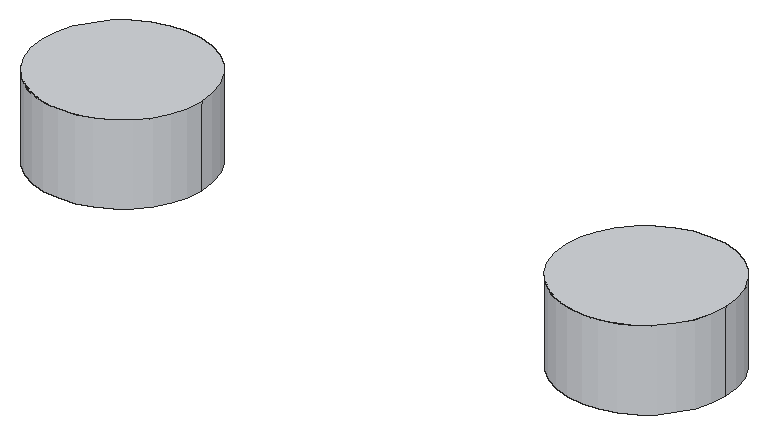
Revit family "E181_X5", category Plumbing Fixtures, Revit 2021
Family settings
  Round Connector Dimension = Use Diameter
  Part Type = Normal
  OmniClass Number = 23.45.05.14
  OmniClass Title = Plumbing Fixtures - Sanitary Washing Units
  Work Plane-Based = No
  Always vertical = Yes
  Cut with Voids When Loaded = No
  Shared = No
  Room Calculation Point = No
Parameters (values of type "Standard")
  Waste Connection = no
  Vent Connection = no
  URL = "www.fvandina.com"
  Title = "Juego Monocomando para Lavabo EDNA"
  Teléfono de contacto = "FV Responde 1800 38 38 38"
  Presión = "60 PSI"
  Part Number = "E181_X5"
  Model = "E181/X5"
  Material = "Latón"
  Manufacturer = "FV  AREA ANDINA S.A."
  Instalación = "https://fvandina.com/producto/633-juego-monocomando-para-lavabo-edna/"
  HW Connection = yes
  Garantía = "GARANTÍA TOTAL FV - DETALLES EN PÁGINA WEB"
  Dirección fabricante = "KM 25, VÍA SANGOLQUÍ AMAGUAÑA - PICHINCHA - ECUADOR"
  Description = "Juego Monocomando para Lavabo EDNA"
  Default Elevation = 0 mm
  Cota largo = "154 mm"
  Cota ancho = "54 mm"
  Cota alto = "154 mm"
  Consumo agua grifería = "8.3 l/min"
  Connector_2_Diameter = 10 mm
  Connector_1_Diameter = 10 mm
  Conexión hidráulica = "W9/16\" x 19"
  Company = "FV - GRIFERÍA, SANITARIOS, COMPLEMENTOS"
  Certificación = "INEN"
  Catalog web link = "https://fvandina.com/producto/633-juego-monocomando-para-lavabo-edna/"
  CW Connection = yes
  Acabado = "Cromo"
Reference planes
  plane 1 "Center (Front/Back)": y = 0
  plane 2: z = 0
  plane 3 "Center (Left/Right)": x = 0
Forms (mm)
  Extrusion 1, solid
    sketch origin (10, 53.2, 0) x (1, 0, 0) y (0, 1, 0)
      loop
        circle (0, 0) r 3.048
    from 0 to -3.048
  Extrusion 2, solid
    sketch origin (-10, 53.2, 0) x (1, 0, 0) y (0, 1, 0)
      loop
        circle (0, 0) r 3.048
    from 0 to -3.048
Dimensions and locks
  aligned and locked: level to plane 2
Connectors
  piping at (10, 53.2, 0), diameter 10, driven by "Connector_1_Diameter"
    settings: on Extrusion 1, index 1, connector inside diameter 609.6 mm, connector length 0 mm, flow factor 0, pipe flow 0.0 L/s, pressure drop 0.0 Pa, fitting loss kfactor 0, connector angle 0.00°, fixture units 0, engagement length 0 mm, angle of deflection 0.00°, flow configuration 1, flow direction 1, fitting loss method 0, system type 20, joint type 0, gender type 0, connector reference index -1, connector utility 0, adjustable connector no, is connector primary yes, connector description ""
  piping at (-10, 53.2, 0), diameter 10, driven by "Connector_2_Diameter"
    settings: on Extrusion 2, index 2, connector inside diameter 609.6 mm, connector length 0 mm, flow factor 0, pipe flow 0.0 L/s, pressure drop 0.0 Pa, fitting loss kfactor 0, connector angle 0.00°, fixture units 0, engagement length 0 mm, angle of deflection 0.00°, flow configuration 1, flow direction 1, fitting loss method 0, system type 19, joint type 0, gender type 0, connector reference index -1, connector utility 0, adjustable connector no, is connector primary no, connector description ""
